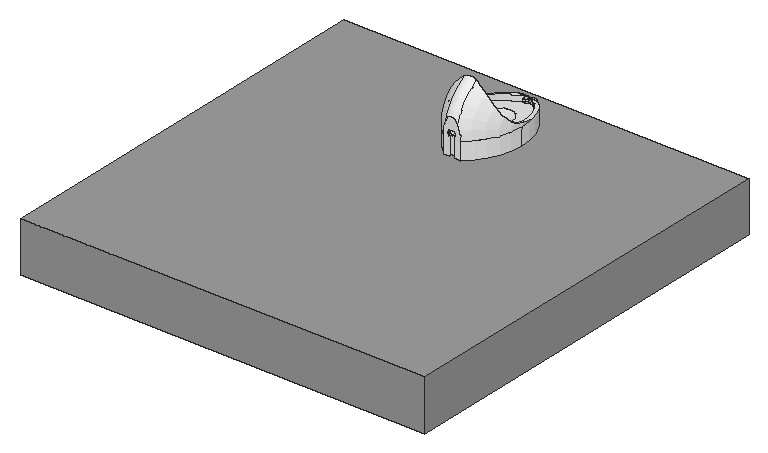
Revit family
Parameters
  Width = 385 mm  # constant formula
  Waste Connection Radius = Waste Connection Diameter / 2  # 27.5 mm
  Waste Connection = 1 = 1  # yes
  Vent Connection = 1 = 0  # no
  URL = "www.vaalsan.co.za"
  Spreader Visibility = yes
  Product Code = "705426/705427"
  Omniclass Title = "Urinals"
  Omniclass Number = "23.45.05.21.11.21"
  Model = "Lavatera Wall Hung Bowl Urinal"
  Manufacturer = "Vaal Sanitaryware"  # constant formula
  Depth = 380 mm  # constant formula
  Height Rim To Finish Floor = 650 mm
  Height = 600 mm  # constant formula
  HW Connection = 1 = 0  # no
  Family created by = "www.revitbuilt.com"
  Default Elevation = 0 mm
  Cold Water Connection Diameter = 27 mm  # constant formula
  Waste Connection Diameter = 55 mm  # constant formula
  CW Connection Radius = Cold Water Connection Diameter / 2  # 13.5 mm
  CW Connection = 1 = 1  # yes
  Body Finish = Vitreous China-Vaal-White
  Assembly Code = "D2010210"
Reference planes
  plane 1 "FF": y = 0
  plane 2: z = 0
  plane 3 "Center (Left/Right)": x = 0
  plane 4: z = 0
  plane 5 "45 2": through (-1219.2, -1219.2, 0) normal (-0.5, -0.5, 0.7071)
  plane 6 "Bottom": y = 510
  plane 7: x = -192.5
  plane 8: x = 192.5
  plane 9 "Top": y = 1110
  plane 10 "Rim": y = 650
Forms (mm)
  Extrusion 1, solid
    sketch origin (0, 0, 0) x (1, 0, 0) y (0, 1, 0)
      loop
        line (-1219.2, 1219.2) -> (-1219.2, -1219.2) -> (1219.2, -1219.2) -> (1219.2, 1219.2) -> (-1219.2, 1219.2)
    from 0 to -304.8
Lines and regions (mm)
  symbolic lines, style "Urinal"
    curve 1: line (-192.5, 0, 0) -> (192.5, 0, 0)
Dimensions and locks
  equal spacing: plane 7, plane 3 "Center (Left/Right)", plane 8
  locked: plane 7 to plane 8 at 385
  locked: plane 6 "Bottom" to plane 10 "Rim" at 140
  "Height Rim To Finish Floor": plane 1 "FF" to plane 10 "Rim"
  locked: plane 6 "Bottom" to plane 9 "Top" at 600
  locked: connector elem to plane 3 "Center (Left/Right)" at 0
  locked: connector elem to level at 125
  locked: connector elem to plane 3 "Center (Left/Right)"
  locked: plane 9 "Top" to connector elem at 35
  aligned and locked: plane 2 to Extrusion 1
  aligned and locked: level to Extrusion 1
  aligned and locked: nested 1 to plane 4
  aligned and locked: plane 7 to curve 1
  aligned and locked: plane 1 "FF" to curve 1
  aligned and locked: nested 1 to plane 6 "Bottom"
Automatic sketch dimensions
  Extrusion 1 sketch curve to Extrusion 1 sketch curve = 2438.4 mm  (x2)
  curve 1 to plane 8 = 0 mm
Nested families
  nested 1: "Vaal-Lavatera" at (0, 198, 0) x (1, 0, 0) z (0, 1, 0), type "Vaal-Lavatera"
Connectors
  piping at (0, 510, 125), driven by "Waste Connection Radius"
    settings: on nested 1, index 1
  piping at (0, 1075, 0), driven by "CW Connection Radius"
    settings: on nested 1, index 2
Definition of nested family "Vaal-Lavatera"
  Parameters
    Waste Connection Radius = 27.5 mm
    Spreader Visibility = yes
    Height Rim to Finish Floor = 452 mm
    Default Elevation = 0 mm
    CW Connection Radius = 20 mm
    Body Finish = Vitreous China-Vaal-White
  Reference planes
    plane 1 "Back": y = 0
    plane 2 "Bottom": z = 0
    plane 3 "Center (Left/Right)": x = 0
    plane 4 "Rim": z = 452
    plane 5 "Front": y = -380
    plane 6 "Right": x = 192.5
    plane 7 "Left": x = -192.5
    plane 8 "Base": z = 312
    plane 9 "Top": z = 912
    plane 10: y = -187.5
    plane 11: y = -90
    plane 12: y = -125
  Forms (mm)
    Extrusion 1, solid, material "Vitreous China-Vaal-White" <- "Body Finish"
      sketch origin (0, 0, 0) x (1, 0, 0) y (0, 0, 1)
        loop
          arc (24.792, 884.297) -> (-0.003, 892.054) -> (-24.798, 884.296) r 43.505
          arc (-24.798, 884.296) -> (-133.338, 761.356) -> (-172.495, 602.101) r 343.435
          line (-172.495, 602.101) -> (-172.495, 596.475)
          arc (-172.495, 596.475) -> (-139.592, 450.273) -> (-47.564, 332) r 343.445
          line (-47.564, 332) -> (46.462, 332)
          arc (46.462, 332) -> (139.399, 450.758) -> (172.506, 597.879) r 343.448
          line (172.506, 597.879) -> (172.506, 602.081)
          arc (172.506, 602.081) -> (133.344, 761.349) -> (24.792, 884.297) r 343.452
      from 0 to 336.893
    Revolve 2, solid, material "Chrome"
      sketch origin (0, 64.946, -192.912) x (0, 1, 0) y (0, 0, 1)
        loop
          line (-190, 585.103) -> (-190, 586.104) -> (-221.182, 584.861) -> (-221.84, 581.132) -> (-220.855, 580.958) -> (-220.338, 583.893) -> (-190, 585.103)
        axis (-190, 580.958) -> (-190, 586.104)
      angle from 0 to 360
    Extrusion 3, void
      sketch origin (0, 62.383, -200.029) x (1, 0, 0) y (0, 1, 0)
        loop
          arc (3.766, -159.507) -> (0.095, -159.254) -> (-3.577, -159.482) r 28.182
          line (-3.577, -159.482) -> (-1.619, -174.354)
          arc (-1.619, -174.354) -> (0.095, -174.254) -> (1.808, -174.379) r 13.182
          line (1.808, -174.379) -> (3.766, -159.507)
        loop
          arc (-3.591, -215.389) -> (0.095, -215.619) -> (3.78, -215.365) r 28.182
          line (3.78, -215.365) -> (1.822, -200.493)
          arc (1.822, -200.493) -> (0.095, -200.619) -> (-1.634, -200.518) r 13.182
          line (-1.634, -200.518) -> (-3.591, -215.389)
        loop
          line (-27.947, -191.074) -> (-13.075, -189.116)
          arc (-13.075, -189.116) -> (-13.182, -187.383) -> (-13.061, -185.65) r 13.182
          line (-13.061, -185.65) -> (-27.933, -183.692)
          arc (-27.933, -183.692) -> (-28.182, -187.383) -> (-27.947, -191.074) r 28.182
        loop
          arc (-17.122, -209.821) -> (-14.043, -211.871) -> (-10.722, -213.5) r 28.182
          line (-10.722, -213.5) -> (-4.982, -199.641)
          arc (-4.982, -199.641) -> (-6.543, -198.881) -> (-7.991, -197.921) r 13.182
          line (-7.991, -197.921) -> (-17.122, -209.821)
        loop
          arc (22.42, -204.512) -> (24.454, -201.446) -> (26.07, -198.141) r 28.182
          line (26.07, -198.141) -> (12.212, -192.401)
          arc (12.212, -192.401) -> (11.463, -193.946) -> (10.52, -195.381) r 13.182
          line (10.52, -195.381) -> (22.42, -204.512)
        loop
          arc (-26.042, -198.209) -> (-24.406, -201.529) -> (-22.349, -204.605) r 28.182
          line (-22.349, -204.605) -> (-10.449, -195.474)
          arc (-10.449, -195.474) -> (-11.416, -194.029) -> (-12.184, -192.469) r 13.182
          line (-12.184, -192.469) -> (-26.042, -198.209)
        loop
          arc (-10.684, -161.358) -> (-13.997, -162.975) -> (-17.07, -165.012) r 28.182
          line (-17.07, -165.012) -> (-7.938, -176.912)
          arc (-7.938, -176.912) -> (-6.496, -175.966) -> (-4.944, -175.216) r 13.182
          line (-4.944, -175.216) -> (-10.684, -161.358)
        loop
          arc (27.95, -191.049) -> (28.182, -187.383) -> (27.936, -183.717) r 28.182
          line (27.936, -183.717) -> (13.064, -185.675)
          arc (13.064, -185.675) -> (13.182, -187.383) -> (13.078, -189.091) r 13.182
          line (13.078, -189.091) -> (27.95, -191.049)
        loop
          line (5.146, -199.573) -> (10.886, -213.432)
          arc (10.886, -213.432) -> (14.186, -211.789) -> (17.243, -209.729) r 28.182
          line (17.243, -209.729) -> (8.111, -197.828)
          arc (8.111, -197.828) -> (6.686, -198.798) -> (5.146, -199.573) r 13.182
        loop
          arc (10.468, -179.424) -> (11.417, -180.846) -> (12.174, -182.379) r 13.182
          line (12.174, -182.379) -> (26.032, -176.639)
          arc (26.032, -176.639) -> (24.407, -173.346) -> (22.368, -170.292) r 28.182
          line (22.368, -170.292) -> (10.468, -179.424)
        loop
          line (8.059, -177.004) -> (17.19, -165.104)
          arc (17.19, -165.104) -> (14.139, -163.058) -> (10.847, -161.425) r 28.182
          line (10.847, -161.425) -> (5.107, -175.284)
          arc (5.107, -175.284) -> (6.639, -176.048) -> (8.059, -177.004) r 13.182
        loop
          line (-10.396, -179.331) -> (-22.297, -170.2)
          arc (-22.297, -170.2) -> (-24.36, -173.264) -> (-26.004, -176.571) r 28.182
          line (-26.004, -176.571) -> (-12.146, -182.312)
          arc (-12.146, -182.312) -> (-11.369, -180.764) -> (-10.396, -179.331) r 13.182
      from 587.266 to 609.725
    Extrusion 4, void
      sketch origin (0, 0, 165) x (1, 0, 0) y (0, 0, 1)
        loop
          circle (0, 711.828) r 8.043
      from 0 to 51.978
    Extrusion 5, solid, material "Chrome", visible <- "Spreader Visibility"
      sketch origin (0, -54.492, 97.5) x (1, 0, 0) y (0, 0, 1)
        loop
          line (17.5, 784.249) -> (7.249, 794.5) -> (-7.249, 794.5) -> (-17.5, 784.249) -> (-17.5, 769.751) -> (-7.249, 759.5) -> (7.249, 759.5) -> (17.5, 769.751) -> (17.5, 784.249)
      from 0 to 10
    Blend 6, solid, material "Chrome", visible <- "Spreader Visibility"
      base sketch origin (0, -54.492, 97.5) x (1, 0, 0) y (0, 0, 1)
        loop
          line (7.249, 794.5) -> (-7.249, 794.5) -> (-17.5, 784.249) -> (-17.5, 769.751) -> (-7.249, 759.5) -> (7.249, 759.5) -> (17.5, 769.751) -> (17.5, 784.249) -> (7.249, 794.5)
      top sketch origin (0, -54.492, 97.5) x (1, 0, 0) y (0, 0, 1)
        loop
          line (-4.763, 788.5) -> (-11.5, 781.763) -> (-11.5, 772.237) -> (-4.763, 765.5) -> (4.763, 765.5) -> (11.5, 772.237) -> (11.5, 781.763) -> (4.763, 788.5) -> (-4.763, 788.5)
      from 10 to 17.5
    Sweep 7, solid, material "Vitreous China-Vaal-White" <- "Body Finish"
      path origin (0, 0, 0) x (0, 1, 0) y (0, 0, 1)
        loop
          line (-104.482, 287) -> (0, 287)
          arc (0, 287) -> (312.5, 599.5) -> (0, 912) r 312.5
          line (0, 912) -> (-104.482, 912)
          arc (-104.482, 912) -> (-416.982, 599.5) -> (-104.482, 287) r 312.5
      profile origin (0, -416.982, 599.5) x (0, -1, 0) y (1, 0, 0)
        loop
          line (-312.282, 192.505) -> (-312.282, 172.505)
          arc (-312.282, 172.505) -> (-153.018, 133.345) -> (-30.073, 24.796) r 343.445
          arc (-30.073, 24.796) -> (-22.317, 0.005) -> (-30.073, -24.787) r 43.5
          arc (-30.073, -24.787) -> (-153.018, -133.336) -> (-312.282, -172.495) r 343.445
          line (-312.282, -172.495) -> (-312.282, -192.495)
          arc (-312.282, -192.495) -> (-143.744, -151.055) -> (-13.639, -36.185) r 363.445
          arc (-13.639, -36.185) -> (-2.317, 0.005) -> (-13.639, 36.195) r 63.5
          arc (-13.639, 36.195) -> (-143.744, 151.065) -> (-312.282, 192.505) r 363.445
    Extrusion 8, void
      sketch origin (0, 0, 0) x (0, 1, 0) y (0, 0, 1)
        loop
          arc (-380, 442) -> (-377.071, 449.071) -> (-370, 452) r 10
          line (-370, 452) -> (-323.897, 452)
          arc (-323.897, 452) -> (-186.274, 502.628) -> (-114.584, 630.549) r 211.66
          line (-114.584, 630.549) -> (-74.641, 882.739)
          arc (-74.641, 882.739) -> (-65.591, 902.035) -> (-47.64, 913.525) r 38.368
          line (-47.64, 913.525) -> (-47.64, 942) -> (-462.24, 942) -> (-462.24, 262) -> (330, 262) -> (330, 942) -> (0, 942) -> (0, 312) -> (-380, 312) -> (-380, 442)
      from 345.334 to -300
    Extrusion 9, void
      sketch origin (0, 0, 0) x (0, 1, 0) y (0, 0, 1)
        loop
          line (-42.981, 897.59) -> (-380, 897.59) -> (-380, 312) -> (-187.5, 312)
          arc (-187.5, 312) -> (-276.187, 353.781) -> (-343.982, 424.597) r 268.687
          line (-343.982, 424.597) -> (-307.964, 424.597)
          arc (-307.964, 424.597) -> (-177.261, 468.27) -> (-100.311, 582.59) r 213.925
          arc (-100.311, 582.59) -> (-64.989, 738.879) -> (-42.981, 897.59) r 1897.147
      from 282.646 to -300
    Extrusion 10, void
      sketch origin (0, -7.5, 0) x (1, 0, 0) y (0, 1, 0)
        loop
          spline (-130, -113.418) -> (-125.57, -162.116) -> (-112.583, -207.494) -> (-91.924, -246.462) -> (-65, -276.363) -> (-33.646, -295.159) -> (0, -301.571) -> (33.646, -295.159) -> (65, -276.363) -> (91.924, -246.462) -> (112.583, -207.494) -> (125.57, -162.116) -> (130, -113.418)
          spline (130, -113.418) -> (125.57, -98.28) -> (112.583, -84.174) -> (91.924, -72.06) -> (65, -62.765) -> (33.646, -56.922) -> (0, -54.929) -> (-33.646, -56.922) -> (-65, -62.765) -> (-91.924, -72.06) -> (-112.583, -84.174) -> (-125.57, -98.28) -> (-130, -113.418)
      from 794.371 to 378.213
    Sweep 11, void
      path origin (0, 227.5, 0) x (1, 0, 0) y (0, 1, 0)
        loop
          spline (-163.919, -446.141) -> (-144.865, -485.081) -> (-121.421, -518.632) -> (-94.331, -545.78) -> (-64.447, -565.725) -> (-32.69, -577.906) -> (0, -582) -> (32.69, -577.906) -> (64.447, -565.725) -> (94.331, -545.78) -> (121.421, -518.632) -> (144.865, -485.081) -> (163.919, -446.141)
      profile origin (0, -354.5, 0) x (0, 1, 0) y (0, 0, 1)
        loop
          line (-37.393, 452) -> (-37.393, 312) -> (130.552, 312) -> (28.836, 452) -> (-37.393, 452)
    Extrusion 12, solid, material "Vitreous China-Vaal-White" <- "Body Finish"
      sketch origin (0, 8.75, 0) x (1, 0, 0) y (0, 1, 0)
        loop
          spline (-102, -112.5) -> (-98.45, -165.15) -> (-88.056, -214.149) -> (-71.576, -256.088) -> (-50.255, -288.042) -> (-25.789, -307.853) -> (0, -314.504) -> (25.789, -307.853) -> (50.255, -288.042) -> (71.576, -256.088) -> (88.056, -214.149) -> (98.45, -165.15) -> (102, -112.5)
          spline (102, -112.5) -> (98.78, -96.671) -> (89.048, -81.487) -> (73.116, -68.026) -> (51.908, -57.473) -> (26.931, -50.766) -> (0, -48.468) -> (-26.931, -50.766) -> (-51.908, -57.473) -> (-73.116, -68.026) -> (-89.048, -81.487) -> (-98.78, -96.671) -> (-102, -112.5)
      from 387.237 to 378.213
    Extrusion 13, void
      sketch origin (0, -6.992, 0) x (1, 0, 0) y (0, 1, 0)
        loop
          arc (-19.012, -62.791) -> (-22.453, -67.637) -> (-28.036, -69.675) r 10
          line (-28.036, -69.675) -> (-28.036, -90) -> (28.036, -90) -> (28.036, -69.675)
          arc (28.036, -69.675) -> (22.453, -67.637) -> (19.012, -62.791) r 10
          arc (19.012, -62.791) -> (0, -48.999) -> (-19.012, -62.791) r 20
      from 883.8 to 1021.177
    Extrusion 14, void
      sketch origin (0, 0, 0) x (1, 0, 0) y (0, 1, 0)
        loop
          circle (0, -125) r 23
      from 387.237 to 300
  Cuts and joins
    Extrusion 3, Extrusion 4, Extrusion 9, Extrusion 10, Sweep 11, Extrusion 14 cuts Extrusion 1
    Extrusion 3 cuts Revolve 2
    Extrusion 8, Extrusion 13, Extrusion 14 cuts Sweep 7
    Extrusion 14 cuts Extrusion 12
  Lines and regions (mm)
    Masking region 1
      outline origin (0, 0, 0) x (1, 0, 0) y (0, 1, 0)
        loop
          spline (-192.5, 0) -> (-185.941, -98.351) -> (-166.71, -190) -> (-136.118, -268.701) -> (-96.25, -329.09) -> (-49.823, -367.052) -> (0, -380) -> (49.823, -367.052) -> (96.25, -329.09) -> (136.118, -268.701) -> (166.71, -190) -> (185.941, -98.351) -> (192.5, 0)
          line (192.5, 0) -> (-192.5, 0)
    Masking region 2
      outline origin (0, 0, 0) x (1, 0, 0) y (0, 0, 1)
        loop
          spline (76.815, 312) -> (146.593, 396.132) -> (186.518, 521.577) -> (188.46, 662.789) -> (152.024, 791.01) -> (84.629, 880.13) -> (0, 912) -> (-84.629, 880.13) -> (-152.024, 791.01) -> (-188.46, 662.789) -> (-186.518, 521.577) -> (-146.593, 396.132) -> (-76.815, 312)
          line (-76.815, 312) -> (76.815, 312)
    Masking region 3
      outline origin (0, 0, 0) x (0, 1, 0) y (0, 0, 1)
        loop
          line (0, 912.04) -> (-44.378, 912.04)
          arc (-44.378, 912.04) -> (-63.861, 904.852) -> (-74.008, 886.733) r 30
          line (-74.008, 886.733) -> (-114.584, 630.549)
          arc (-114.584, 630.549) -> (-180.793, 503.111) -> (-315, 452) r 201.755
          line (-315, 452) -> (-370, 452)
          arc (-370, 452) -> (-379.197, 445.037) -> (-380, 433.529) r 13.942
          arc (-380, 433.529) -> (-311.53, 345.362) -> (-205, 312) r 186.763
          line (-205, 312) -> (0, 312) -> (0, 912.04)
    symbolic lines, style "Urinal", detail levels fine
      curve 1: circle (0, -125, 0) r 35 normal (0, 0, 1)
      curve 2: circle (0, -125, 0) r 23 normal (0, 0, 1)
      curve 3: circle (0, 0, 877) r 13.5 normal (0, -1, 0)
      curve 26: line (-121.664, 0, 582.59) -> (121.664, 0, 582.59)
      curve 27: line (-130, 0, 532.625) -> (-121.664, 0, 582.59)
      curve 28: line (121.664, 0, 582.59) -> (130, 0, 532.625)
      curve 29: arc (-125.507, 0, 476.74) -> (-129.245, 0, 504.562) -> (-130, 0, 532.625) r 263.406
      curve 30: arc (125.507, 0, 476.74) -> (129.245, 0, 504.562) -> (130, 0, 532.625) r 263.406
    symbolic lines, style "Urinal"
      curve 4: spline (-159.559, -102.393, 0) -> (-161.006, -103.395, 0) -> (-162.363, -104.401, 0) -> (-163.629, -105.41, 0) -> (-164.803, -106.421, 0) -> (-165.886, -107.435, 0) -> (-166.878, -108.451, 0) -> (-167.778, -109.469, 0) -> (-168.586, -110.489, 0) -> (-169.301, -111.511, 0) -> (-169.925, -112.534, 0) -> (-170.456, -113.558, 0) -> (-170.894, -114.584, 0)
      curve 5: arc (-170.894, -114.584, 0) -> (-176.004, -136.43, 0) -> (-175.084, -158.847, 0) r 83.122
      curve 6: arc (170.894, -114.584, 0) -> (176.004, -136.43, 0) -> (175.084, -158.847, 0) r 83.122
      curve 7: arc (-130.118, -90, 0) -> (-149.434, -116.284, 0) -> (-151.481, -148.837, 0) r 57.912
      curve 8: arc (130.118, -90, 0) -> (149.434, -116.284, 0) -> (151.481, -148.837, 0) r 57.912
      curve 9: line (-151.481, -148.837, 0) -> (151.481, -148.837, 0)
      curve 10: arc (-123.406, -84.881, 0) -> (-142.095, -92.372, 0) -> (-159.559, -102.393, 0) r 144.273
      curve 11: line (-123.406, -84.881, 0) -> (-80.57, -71.093, 0)
      curve 12: arc (-80.57, -71.093, 0) -> (-56.493, -62.358, 0) -> (-33.118, -51.886, 0) r 350.059
      curve 13: spline (159.559, -102.393, 0) -> (161.006, -103.395, 0) -> (162.363, -104.401, 0) -> (163.629, -105.41, 0) -> (164.803, -106.421, 0) -> (165.886, -107.435, 0) -> (166.878, -108.451, 0) -> (167.778, -109.469, 0) -> (168.586, -110.489, 0) -> (169.301, -111.511, 0) -> (169.925, -112.534, 0) -> (170.456, -113.558, 0) -> (170.894, -114.584, 0)
      curve 14: arc (123.406, -84.881, 0) -> (142.095, -92.372, 0) -> (159.559, -102.393, 0) r 144.273
      curve 15: line (123.406, -84.881, 0) -> (80.57, -71.093, 0)
      curve 16: arc (80.57, -71.093, 0) -> (56.493, -62.358, 0) -> (33.118, -51.886, 0) r 350.059
      curve 17: arc (-18.934, -37.094, 0) -> (0, -24.758, 0) -> (18.934, -37.094, 0) r 20.698
      curve 18: arc (-18.934, -37.094, 0) -> (-24.724, -45.739, 0) -> (-33.118, -51.886, 0) r 30
      curve 19: arc (18.934, -37.094, 0) -> (24.724, -45.739, 0) -> (33.118, -51.886, 0) r 30
      curve 20: line (78.666, 0, 452) -> (-78.666, 0, 452)
      curve 21: arc (-78.666, 0, 452) -> (-157.572, 0, 484.684) -> (-190.256, 0, 563.59) r 111.59
      curve 22: arc (78.666, 0, 452) -> (157.572, 0, 484.684) -> (190.256, 0, 563.59) r 111.59
      curve 23: line (171.25, 0, 599.282) -> (-171.25, 0, 599.282)
      curve 24: line (-171.25, 0, 599.282) -> (-103.921, 0, 454.895)
      curve 25: line (171.25, 0, 599.282) -> (103.921, 0, 454.895)
  Dimensions and locks
    "Height Rim to Finish Floor": plane 4 "Rim" to level
    locked: plane 5 "Front" to plane 1 "Back" at 380
    locked: plane 7 "Left" to plane 6 "Right" at 385
    equal spacing: plane 7 "Left", plane 3 "Center (Left/Right)", plane 6 "Right"
    locked: plane 4 "Rim" to plane 8 "Base" at 140
    locked: plane 9 "Top" to plane 8 "Base" at 600
    locked: plane 5 "Front" to plane 10 at 192.5
    locked: curve 1 to plane 1 "Back" at 125
    locked: plane 11 to plane 1 "Back" at 90
    locked: plane 12 to plane 1 "Back" at 125
    aligned and locked: Masking region 3 sketch curve to plane 1 "Back"
    aligned and locked: Extrusion 1 to plane 1 "Back"
    aligned and locked: Extrusion 12 to Extrusion 14
  Automatic sketch dimensions
    Revolve 2 sketch curve to plane 10 = 30.606 mm
    Revolve 2 sketch curve to Revolve 2 sketch curve = 0.657 mm
    Revolve 2 sketch curve to Revolve 2 sketch curve = 0.985 mm
    Revolve 2 sketch curve to Revolve 2 sketch curve = 0.845 mm
    plane 11 to Revolve 2 sketch curve = 35.054 mm
    Revolve 2 sketch curve to Revolve 2 sketch curve = 0 mm
    Revolve 2 sketch curve to plane 4 "Rim" = 72.912 mm
    Revolve 2 sketch curve to Revolve 2 sketch curve = 8.958 mm
    Revolve 2 sketch curve to Revolve 2 sketch curve = 0.174 mm
    Revolve 2 sketch curve to Revolve 2 sketch curve = 13.103 mm
    Revolve 2 sketch curve to Revolve 2 sketch curve = 1.001 mm
    Revolve 2 sketch curve to Revolve 2 sketch curve = 10.896 mm
    Extrusion 3 sketch curve to Extrusion 3 sketch curve = 0 mm  (x552)
    Extrusion 3 sketch curve to plane 3 "Center (Left/Right)" = 0 mm
    Extrusion 3 sketch curve to plane 3 "Center (Left/Right)" = 1.619 mm
    Extrusion 3 sketch curve to plane 3 "Center (Left/Right)" = 1.634 mm
    Extrusion 3 sketch curve to plane 3 "Center (Left/Right)" = 3.577 mm
    Extrusion 3 sketch curve to plane 3 "Center (Left/Right)" = 3.591 mm
    Extrusion 3 sketch curve to Extrusion 3 sketch curve = 3.324 mm  (x2)
    Extrusion 3 sketch curve to Extrusion 3 sketch curve = 3.349 mm
    Extrusion 3 sketch curve to Extrusion 3 sketch curve = 2.995 mm
    Extrusion 3 sketch curve to Extrusion 3 sketch curve = 3.009 mm
    Extrusion 3 sketch curve to Extrusion 3 sketch curve = 2.458 mm  (x2)
    Extrusion 3 sketch curve to Extrusion 3 sketch curve = 7.107 mm
    Extrusion 3 sketch curve to Extrusion 3 sketch curve = 7.131 mm
    Extrusion 3 sketch curve to Extrusion 3 sketch curve = 1.749 mm
    Extrusion 3 sketch curve to Extrusion 3 sketch curve = 1.735 mm
    Extrusion 3 sketch curve to Extrusion 3 sketch curve = 0.915 mm
    Extrusion 3 sketch curve to Extrusion 3 sketch curve = 0.014 mm  (x4)
    plane 11 to Extrusion 3 sketch curve = 12.629 mm
    Extrusion 3 sketch curve to Extrusion 3 sketch curve = 6.386 mm
    Extrusion 3 sketch curve to Extrusion 3 sketch curve = 6.4 mm
    plane 11 to Extrusion 3 sketch curve = 17.817 mm
    Extrusion 3 sketch curve to Extrusion 3 sketch curve = 5.227 mm  (x2)
    plane 11 to Extrusion 3 sketch curve = 24.189 mm
    Extrusion 3 sketch curve to Extrusion 3 sketch curve = 3.707 mm
    Extrusion 3 sketch curve to Extrusion 3 sketch curve = 3.693 mm
    Extrusion 3 sketch curve to Extrusion 3 sketch curve = 1.929 mm
    plane 11 to Extrusion 3 sketch curve = 38.691 mm
    plane 3 "Center (Left/Right)" to Extrusion 3 sketch curve = 1.808 mm
    plane 3 "Center (Left/Right)" to Extrusion 3 sketch curve = 1.822 mm
    plane 3 "Center (Left/Right)" to Extrusion 3 sketch curve = 3.766 mm
    plane 3 "Center (Left/Right)" to Extrusion 3 sketch curve = 3.78 mm
    Extrusion 3 sketch curve to Extrusion 3 sketch curve = 3.299 mm
    Extrusion 3 sketch curve to Extrusion 3 sketch curve = 2.952 mm
    Extrusion 3 sketch curve to Extrusion 3 sketch curve = 2.966 mm
    Extrusion 3 sketch curve to Extrusion 3 sketch curve = 2.409 mm  (x2)
    Extrusion 3 sketch curve to Extrusion 3 sketch curve = 7.082 mm
    Extrusion 3 sketch curve to Extrusion 3 sketch curve = 7.106 mm
    Extrusion 3 sketch curve to Extrusion 3 sketch curve = 1.706 mm
    Extrusion 3 sketch curve to Extrusion 3 sketch curve = 1.692 mm
    Extrusion 3 sketch curve to Extrusion 3 sketch curve = 0.89 mm
    plane 11 to Extrusion 3 sketch curve = 12.721 mm
    Extrusion 3 sketch curve to Extrusion 3 sketch curve = 6.343 mm
    Extrusion 3 sketch curve to Extrusion 3 sketch curve = 6.357 mm
    plane 11 to Extrusion 3 sketch curve = 17.91 mm
    Extrusion 3 sketch curve to Extrusion 3 sketch curve = 5.177 mm  (x2)
    Extrusion 3 sketch curve to Extrusion 3 sketch curve = 3.664 mm
    Extrusion 3 sketch curve to Extrusion 3 sketch curve = 3.65 mm
    Extrusion 3 sketch curve to Extrusion 3 sketch curve = 1.904 mm
    plane 11 to Extrusion 3 sketch curve = 38.667 mm
    Extrusion 3 sketch curve to Extrusion 3 sketch curve = 4.964 mm
    Extrusion 3 sketch curve to Extrusion 3 sketch curve = 5.032 mm
    Extrusion 3 sketch curve to Extrusion 3 sketch curve = 2.447 mm  (x2)
    Extrusion 3 sketch curve to Extrusion 3 sketch curve = 7.092 mm
    Extrusion 3 sketch curve to Extrusion 3 sketch curve = 7.135 mm
    Extrusion 3 sketch curve to Extrusion 3 sketch curve = 0.919 mm
    Extrusion 3 sketch curve to Extrusion 3 sketch curve = 5.216 mm  (x2)
    Extrusion 3 sketch curve to Extrusion 3 sketch curve = 1.933 mm
    Extrusion 3 sketch curve to Extrusion 3 sketch curve = 3.353 mm
    Extrusion 3 sketch curve to Extrusion 3 sketch curve = 3.31 mm
    Extrusion 3 sketch curve to Extrusion 3 sketch curve = 3.296 mm
    Extrusion 3 sketch curve to Extrusion 3 sketch curve = 3.338 mm
    Extrusion 3 sketch curve to Extrusion 3 sketch curve = 2.419 mm  (x2)
    Extrusion 3 sketch curve to Extrusion 3 sketch curve = 0.905 mm
    Extrusion 3 sketch curve to Extrusion 3 sketch curve = 1.919 mm
    Extrusion 4 sketch curve to plane 3 "Center (Left/Right)" = 0 mm
    Extrusion 4 sketch curve to plane 9 "Top" = 35.172 mm
    Extrusion 5 sketch curve to plane 3 "Center (Left/Right)" = 17.5 mm
    Extrusion 5 sketch curve to plane 3 "Center (Left/Right)" = 7.249 mm  (x2)
    plane 3 "Center (Left/Right)" to Extrusion 5 sketch curve = 7.249 mm  (x2)
    Extrusion 5 sketch curve to Extrusion 5 sketch curve = 10.251 mm  (x4)
    Extrusion 5 sketch curve to plane 9 "Top" = 55 mm
    Extrusion 5 sketch curve to Extrusion 5 sketch curve = 14.497 mm  (x2)
    Blend 6 sketch curve to plane 3 "Center (Left/Right)" = 17.5 mm
    Blend 6 sketch curve to plane 3 "Center (Left/Right)" = 7.249 mm  (x2)
    plane 3 "Center (Left/Right)" to Blend 6 sketch curve = 7.249 mm  (x2)
    Blend 6 sketch curve to Blend 6 sketch curve = 10.251 mm  (x4)
    Blend 6 sketch curve to plane 9 "Top" = 55 mm
    Blend 6 sketch curve to Blend 6 sketch curve = 14.497 mm  (x2)
    Blend 6 sketch curve to plane 3 "Center (Left/Right)" = 11.5 mm
    Blend 6 sketch curve to plane 3 "Center (Left/Right)" = 4.763 mm  (x2)
    plane 3 "Center (Left/Right)" to Blend 6 sketch curve = 4.763 mm  (x2)
    Blend 6 sketch curve to Blend 6 sketch curve = 6.737 mm  (x4)
    Blend 6 sketch curve to plane 9 "Top" = 49 mm
    Blend 6 sketch curve to Blend 6 sketch curve = 9.527 mm  (x2)
    plane 11 to Extrusion 13 sketch curve = 6.992 mm
    Extrusion 13 sketch curve to plane 3 "Center (Left/Right)" = 0 mm
    Extrusion 13 sketch curve to plane 3 "Center (Left/Right)" = 19.012 mm
    Extrusion 13 sketch curve to Extrusion 13 sketch curve = 0 mm  (x2)
    Extrusion 13 sketch curve to Extrusion 13 sketch curve = 9.024 mm
    Extrusion 13 sketch curve to Extrusion 13 sketch curve = 9.506 mm  (x2)
    plane 3 "Center (Left/Right)" to Extrusion 13 sketch curve = 19.012 mm
    plane 3 "Center (Left/Right)" to Extrusion 13 sketch curve = 28.036 mm
    Extrusion 13 sketch curve to plane 11 = 13.333 mm
    Extrusion 13 sketch curve to plane 11 = 14.009 mm
    profile plane to Sweep 11 sketch curve = 37.393 mm
    Sweep 11 sketch curve to profile plane = 28.836 mm
    Sweep 11 sketch curve to profile plane = 130.552 mm
    plane 2 "Bottom" to Sweep 11 sketch curve = 312 mm
    Sweep 11 sketch curve to Sweep 11 sketch curve = 140 mm
    Masking region 3 sketch curve to plane 5 "Front" = 0 mm  (x2)
    Masking region 3 sketch curve to plane 4 "Rim" = 0 mm
    Masking region 3 sketch curve to plane 8 "Base" = 0 mm
    Masking region 3 sketch curve to plane 5 "Front" = 10 mm
    Masking region 3 sketch curve to plane 5 "Front" = 13.064 mm
    Masking region 3 sketch curve to plane 5 "Front" = 65 mm
    plane 10 to Masking region 3 sketch curve = 17.5 mm
    plane 11 to Masking region 3 sketch curve = 24.584 mm
    Masking region 3 sketch curve to plane 11 = 15.992 mm
    plane 9 "Top" to Masking region 3 sketch curve = 0.04 mm
    Masking region 3 sketch curve to Masking region 3 sketch curve = 29.631 mm
    Masking region 3 sketch curve to Masking region 3 sketch curve = 131.786 mm
    Masking region 3 sketch curve to Masking region 3 sketch curve = 30 mm
    plane 11 to Extrusion 12 sketch curve = 13.75 mm
    plane 7 "Left" to Extrusion 12 sketch curve = 90.5 mm
    Extrusion 12 sketch curve to Extrusion 12 sketch curve = 0 mm  (x3)
    Extrusion 12 sketch curve to plane 6 "Right" = 90.5 mm
    plane 7 "Left" to Sweep 11 sketch curve = 28.581 mm
    Sweep 11 sketch curve to plane 6 "Right" = 28.581 mm
    plane 10 to Sweep 11 sketch curve = 31.141 mm
    Extrusion 10 sketch curve to plane 3 "Center (Left/Right)" = 0 mm
    plane 11 to Extrusion 10 sketch curve = 30.918 mm
    plane 7 "Left" to Extrusion 10 sketch curve = 62.5 mm
    Extrusion 14 sketch curve to plane 3 "Center (Left/Right)" = 0 mm
    Extrusion 14 sketch curve to plane 12 = 0 mm
    plane 7 "Left" to Extrusion 1 sketch curve = 20.005 mm
    Extrusion 1 sketch curve to Extrusion 1 sketch curve = 1.549 mm
    Extrusion 1 sketch curve to Extrusion 1 sketch curve = 1.553 mm
    Extrusion 1 sketch curve to plane 3 "Center (Left/Right)" = 47.564 mm
    Extrusion 1 sketch curve to plane 3 "Center (Left/Right)" = 24.798 mm
    Extrusion 1 sketch curve to Extrusion 1 sketch curve = 0 mm  (x2)
    Extrusion 1 sketch curve to plane 3 "Center (Left/Right)" = 0.003 mm
    plane 3 "Center (Left/Right)" to Extrusion 1 sketch curve = 24.792 mm
    Extrusion 1 sketch curve to plane 6 "Right" = 21.56 mm
    Extrusion 1 sketch curve to Extrusion 1 sketch curve = 1.556 mm
    plane 8 "Base" to Extrusion 1 sketch curve = 20 mm
    Extrusion 1 sketch curve to Extrusion 1 sketch curve = 1.405 mm
    Extrusion 1 sketch curve to Extrusion 1 sketch curve = 4.202 mm
    plane 3 "Center (Left/Right)" to Extrusion 1 sketch curve = 46.462 mm
    Masking region 2 sketch curve to plane 8 "Base" = 0 mm
    Masking region 2 sketch curve to plane 3 "Center (Left/Right)" = 0 mm
    plane 7 "Left" to Masking region 2 sketch curve = 115.685 mm
    Masking region 2 sketch curve to plane 8 "Base" = 26 mm
    plane 4 "Rim" to Masking region 2 sketch curve = 147 mm
    curve 21 to plane 4 "Rim" = 0 mm
    curve 3 to plane 3 "Center (Left/Right)" = 0 mm
    curve 20 to plane 3 "Center (Left/Right)" = 78.666 mm
    plane 4 "Rim" to curve 24 = 2.895 mm
    curve 24 to curve 21 = 25.255 mm
    curve 26 to curve 21 = 42.998 mm
    curve 29 to curve 24 = 21.585 mm
    curve 29 to curve 26 = 8.336 mm
    curve 30 to curve 27 = 3.315 mm
    plane 7 "Left" to curve 24 = 21.25 mm
    plane 3 "Center (Left/Right)" to curve 20 = 78.666 mm
    plane 4 "Rim" to curve 25 = 2.895 mm
    curve 22 to curve 25 = 25.255 mm
    curve 22 to curve 28 = 42.998 mm
    curve 25 to curve 30 = 21.585 mm
    curve 26 to curve 30 = 8.336 mm
    curve 28 to curve 29 = 3.315 mm
    curve 25 to plane 6 "Right" = 21.25 mm
    plane 4 "Rim" to curve 29 = 24.74 mm
    plane 4 "Rim" to curve 30 = 24.74 mm
    curve 29 to curve 30 = 48.933 mm
    curve 29 to curve 28 = 6.952 mm
    curve 22 to curve 28 = 19 mm
    curve 21 to curve 23 = 35.692 mm
    curve 3 to plane 9 "Top" = 35 mm
    curve 1 to curve 2 = 0 mm  (x2)
    curve 2 to plane 3 "Center (Left/Right)" = 0 mm
    Masking region 1 sketch curve to plane 1 "Back" = 0 mm
    Masking region 1 sketch curve to plane 7 "Left" = 0 mm
    Masking region 1 sketch curve to plane 3 "Center (Left/Right)" = 0 mm
    curve 7 to plane 11 = 0 mm
    curve 17 to plane 3 "Center (Left/Right)" = 0 mm
    curve 8 to plane 11 = 0 mm
    curve 17 to plane 3 "Center (Left/Right)" = 18.934 mm
    curve 18 to curve 17 = 0 mm
    curve 12 to curve 17 = 14.184 mm
    curve 18 to curve 12 = 0 mm
    plane 1 "Back" to curve 18 = 24.975 mm
    curve 18 to curve 17 = 27.443 mm
    plane 10 to curve 10 = 34.715 mm
    curve 10 to plane 3 "Center (Left/Right)" = 79.2 mm
    curve 11 to plane 11 = 18.907 mm
    curve 11 to curve 12 = 47.452 mm
    plane 12 to curve 5 = 19.263 mm
    curve 5 to curve 11 = 12.681 mm
    curve 7 to curve 5 = 1.748 mm
    curve 10 to plane 11 = 5.119 mm
    curve 10 to curve 12 = 42.836 mm
    curve 7 to curve 10 = 6.712 mm
    plane 7 "Left" to curve 9 = 41.019 mm
    plane 11 to curve 4 = 12.393 mm
    curve 4 to curve 4 = 11.336 mm
    curve 4 to curve 5 = 0.83 mm
    plane 7 "Left" to curve 5 = 17.416 mm
    plane 7 "Left" to curve 12 = 4.671 mm
    curve 13 to plane 12 = 6.071 mm
    curve 13 to plane 7 "Left" = 101.119 mm
    plane 3 "Center (Left/Right)" to curve 19 = 18.934 mm
    curve 17 to curve 19 = 0 mm
    curve 19 to curve 19 = 14.184 mm
    curve 16 to curve 19 = 0 mm
    plane 1 "Back" to curve 19 = 24.975 mm
    plane 3 "Center (Left/Right)" to curve 14 = 79.2 mm
    curve 16 to plane 11 = 18.907 mm
    curve 19 to curve 16 = 47.452 mm
    plane 12 to curve 6 = 19.263 mm
    curve 16 to curve 6 = 12.681 mm
    curve 6 to curve 8 = 1.748 mm
    curve 14 to plane 11 = 5.119 mm
    curve 16 to curve 14 = 42.836 mm
    curve 15 to curve 8 = 6.712 mm
    curve 9 to plane 6 "Right" = 41.019 mm
    plane 11 to curve 13 = 12.393 mm
    curve 8 to curve 13 = 29.44 mm
    curve 13 to curve 13 = 11.336 mm
    curve 13 to curve 13 = 0.83 mm
    curve 6 to plane 6 "Right" = 17.416 mm
    plane 6 "Right" to curve 4 = 101.119 mm
    curve 5 to curve 4 = 56.454 mm
    plane 12 to curve 9 = 23.837 mm
    Sweep 7 sketch curve to plane 9 "Top" = 0 mm
    Sweep 7 sketch curve to plane 1 "Back" = 0 mm
    plane 11 to Sweep 7 sketch curve = 14.482 mm
    plane 4 "Rim" to Sweep 7 sketch curve = 147.5 mm
    Sweep 7 sketch curve to Sweep 7 sketch curve = 0 mm  (x10)
    plane 3 "Center (Left/Right)" to Sweep 7 sketch curve = 192.505 mm
    profile plane to Sweep 7 sketch curve = 312.282 mm
    plane 3 "Center (Left/Right)" to Sweep 7 sketch curve = 0.005 mm
    profile plane to Sweep 7 sketch curve = 65.817 mm
    Sweep 7 sketch curve to plane 3 "Center (Left/Right)" = 24.787 mm
    profile plane to Sweep 7 sketch curve = 30.073 mm
    plane 3 "Center (Left/Right)" to Sweep 7 sketch curve = 24.796 mm
    profile plane to Sweep 7 sketch curve = 13.639 mm
    Extrusion 8 sketch curve to plane 5 "Front" = 0 mm
    Extrusion 8 sketch curve to plane 4 "Rim" = 0 mm
    Extrusion 8 sketch curve to plane 1 "Back" = 0 mm
    Extrusion 8 sketch curve to plane 8 "Base" = 0 mm
    plane 9 "Top" to Extrusion 8 sketch curve = 30 mm  (x2)
    plane 5 "Front" to Extrusion 8 sketch curve = 82.24 mm
    Extrusion 8 sketch curve to plane 5 "Front" = 10 mm
    Extrusion 8 sketch curve to Extrusion 8 sketch curve = 46.103 mm
    Extrusion 8 sketch curve to plane 5 "Front" = 56.362 mm
    Extrusion 8 sketch curve to plane 12 = 10.416 mm
    Extrusion 8 sketch curve to plane 11 = 15.359 mm
    plane 9 "Top" to Extrusion 8 sketch curve = 1.525 mm
    Extrusion 8 sketch curve to Extrusion 8 sketch curve = 27.001 mm
    Extrusion 8 sketch curve to plane 9 "Top" = 35.263 mm
    plane 1 "Back" to Extrusion 8 sketch curve = 36.746 mm
    Extrusion 8 sketch curve to plane 8 "Base" = 50 mm
    Extrusion 8 sketch curve to plane 1 "Back" = 330 mm
    plane 4 "Rim" to Extrusion 8 sketch curve = 178.549 mm
    Extrusion 9 sketch curve to plane 5 "Front" = 0 mm
    Extrusion 9 sketch curve to plane 8 "Base" = 0 mm
    Extrusion 9 sketch curve to plane 10 = 0 mm
    plane 9 "Top" to Extrusion 9 sketch curve = 166.58 mm
    plane 5 "Front" to Extrusion 9 sketch curve = 1551.475 mm
    Extrusion 9 sketch curve to plane 5 "Front" = 36.018 mm
    Extrusion 9 sketch curve to Extrusion 9 sketch curve = 36.018 mm
    Extrusion 9 sketch curve to plane 5 "Front" = 73.205 mm
    Extrusion 9 sketch curve to plane 12 = 5.744 mm
    plane 11 to Extrusion 9 sketch curve = 10.311 mm
    Extrusion 9 sketch curve to Extrusion 9 sketch curve = 0 mm
    Extrusion 9 sketch curve to plane 9 "Top" = 14.41 mm
    plane 1 "Back" to Extrusion 9 sketch curve = 42.981 mm
    radius of Extrusion 4 sketch curve = 8.043 mm
    radius of Extrusion 14 sketch curve = 23 mm
    radius of curve 3 = 13.5 mm
    radius of curve 1 = 35 mm
    radius of curve 2 = 23 mm
